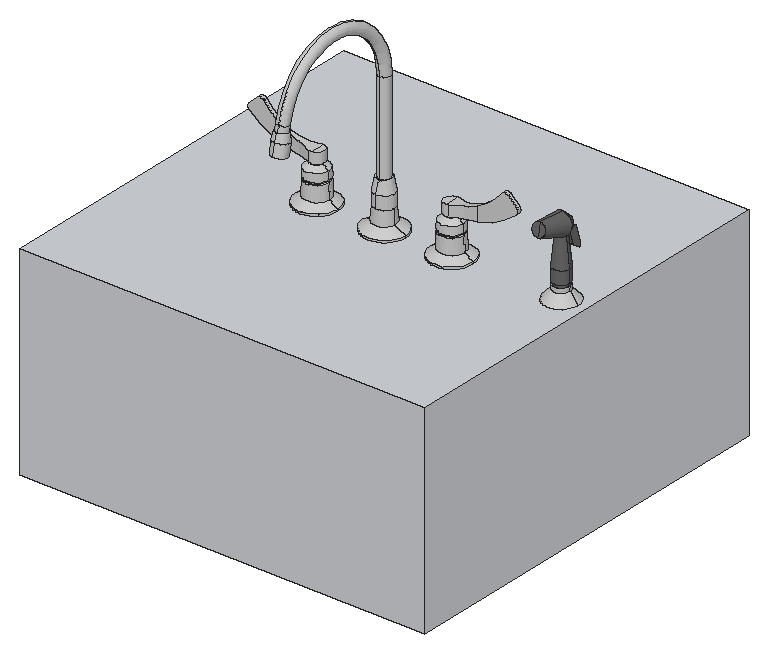
Revit family
Parameters
  Width = 15.75"
  Waste Connection = no
  WFU = 0
  Vent Connection = no
  URL = "www.moencommercial.com"
  Sprayer Offset from Center = 10.5"
  Model = "8244"
  Manufacturer = "Moen"
  Length = 9.5"
  Keynote = "15410"
  Hot Water Connection Diameter = 0.5"  # 1/2"
  Height = 12.5"
  Handle Type = "4\" Wrist blade handles with hot and cold color indicators"
  HWFU = 1
  Finish = Moen-Chrome
  Faucet Spout Reach = 8"
  Faucet Spout Height = 7.5"
  Drain Type = "None"
  Domestic Water Flow Rate = 2.2 GPM
  Documentation Link = "http://www.moen.com/shared/pdf/commercial/8244sp.pdf"
  Description = "Two-Handle Kitchen Faucet with Side Spray"
  Default Elevation = 48"
  Cold Water Connection Diameter = 0.5"  # 1/2"
  CWFU = 1
  Assembly Code = "D2010400"
  ADA Compliant = yes
Reference planes (in)
  plane 1 "Center (Front/Back)": y = 0
  plane 2: z = 0
  plane 3 "Center (Left/Right)": x = 0
  plane 4: x = -4
  plane 5: x = 4
  plane 6: x = -7.875
  plane 7: x = 7.875
  plane 8: z = 12.5
  plane 9 "Sprayer Offset": x = 10.5
Forms (in)
  Extrusion 1, solid
    sketch origin (0, 0, 0) x (1, 0, 0) y (0, 1, 0)
      loop
        line (-12, 12) -> (-12, -12) -> (12, -12) -> (12, 12) -> (-12, 12)
    from 0 to -12
Lines and regions (in)
  Masking region 1
    outline origin (0, 0, 0) x (1, 0, 0) y (0, 1, 0)
      loop
        line (-8.006, -0.1) -> (-5.65, -0.1)
        arc (-5.65, -0.1) -> (-5.44674, -0.10544) -> (-5.24406, -0.12176) r 3.79721
        arc (-5.24406, -0.12176) -> (-2.75, 0.00002) -> (-5.24406, 0.12173) r 1.25
        arc (-5.24406, 0.12173) -> (-5.44674, 0.10544) -> (-5.65, 0.1) r 3.80301
        line (-5.65, 0.1) -> (-8.006, 0.1) -> (-8.006, -0.1)
  Masking region 2
    outline origin (0, 0, 0) x (0, 1, 0) y (-1, 0, 0)
      loop
        line (-0.1, -8.006) -> (0.1, -8.006) -> (0.1, -5.65)
        arc (0.1, -5.65) -> (0.10544, -5.44674) -> (0.12173, -5.24406) r 3.80301
        arc (0.12173, -5.24406) -> (0.00002, -2.75) -> (-0.12176, -5.24406) r 1.25
        arc (-0.12176, -5.24406) -> (-0.10544, -5.44674) -> (-0.1, -5.65) r 3.79721
        line (-0.1, -5.65) -> (-0.1, -8.006)
  Masking region 3
    outline origin (0, 0, 0) x (1, 0, 0) y (0, 1, 0)
      loop
        line (-0.335, -1.20427) -> (-0.335, -7.50378)
        spline (-0.335, -7.50378) -> (-0.42311, -7.64878) -> (-0.44971, -7.81572) -> (-0.41092, -7.98032) -> (-0.31239, -8.11866) -> (-0.16844, -8.21062) -> (0, -8.24284) -> (0.16844, -8.21062) -> (0.31239, -8.11866) -> (0.41092, -7.98032) -> (0.44971, -7.81572) -> (0.42311, -7.64878) -> (0.335, -7.50378)
        line (0.335, -7.50378) -> (0.335, -1.20427)
        arc (0.335, -1.20427) -> (0, 1.25) -> (-0.335, -1.20427) r 1.25
  Masking region 4
    outline origin (0, 0, 0) x (1, 0, 0) y (0, 1, 0)
      loop
        arc (11.00594, -0.86257) -> (10.5, 1) -> (9.99406, -0.86257) r 1
        line (9.99406, -0.86257) -> (10.1, -1.65643)
        spline (10.1, -1.65643) -> (10.10342, -1.66817) -> (10.11363, -1.67972) -> (10.13045, -1.69086) -> (10.15359, -1.70142) -> (10.18266, -1.71121) -> (10.21716, -1.72005) -> (10.2565, -1.72782) -> (10.3, -1.73435) -> (10.34693, -1.73956) -> (10.39647, -1.74334) -> (10.44779, -1.74564) -> (10.5, -1.74641)
        spline (10.5, -1.74641) -> (10.55221, -1.74564) -> (10.60353, -1.74334) -> (10.65307, -1.73956) -> (10.7, -1.73435) -> (10.7435, -1.72782) -> (10.78284, -1.72005) -> (10.81734, -1.71121) -> (10.84641, -1.70142) -> (10.86955, -1.69086) -> (10.88637, -1.67972) -> (10.89658, -1.66817) -> (10.9, -1.65643)
        line (10.9, -1.65643) -> (11.00594, -0.86257)
  symbolic lines
    curve 1: arc (-4.71825, 0.21591, 0) -> (-3.25, 0.0001, 0) -> (-4.71819, -0.2161, 0) r 0.75
    curve 2: arc (-4.17173, -0.39956, 0) -> (-4.14156, -0.41247, 0) -> (-4.11149, -0.42564, 0) r 3.79721
    curve 3: arc (-4.10855, 0.4264, 0) -> (-4.66446, 0.22992, 0) -> (-5.24406, 0.12173, 0) r 3.80301
    curve 4: arc (-5.24406, -0.12176, 0) -> (-4.66597, -0.22972, 0) -> (-4.11149, -0.42564, 0) r 3.79721
    curve 5: arc (-4.10855, 0.4264, 0) -> (-3.56, -0.00152, 0) -> (-4.11149, -0.42564, 0) r 0.44
    curve 6: arc (4.10855, 0.4264, 0) -> (4.66446, 0.22992, 0) -> (5.24406, 0.12173, 0) r 3.80301
    curve 7: arc (5.24406, -0.12176, 0) -> (4.66597, -0.22972, 0) -> (4.11149, -0.42564, 0) r 3.79721
    curve 8: arc (4.10855, 0.4264, 0) -> (3.56, -0.00152, 0) -> (4.11149, -0.42564, 0) r 0.44
    curve 9: arc (4.71825, 0.21591, 0) -> (3.25, 0.0001, 0) -> (4.71819, -0.2161, 0) r 0.75
    curve 10: arc (0.335, -0.55702, 0) -> (0, 0.65, 0) -> (-0.335, -0.55702, 0) r 0.65
    curve 11: arc (-0.335, 0, 0) -> (0, 0.335, 0) -> (0.335, 0, 0) r 0.335
    curve 12: spline (-0.335, -7.5913, 0) -> (-0.32359, -7.67668, 0) -> (-0.29012, -7.75625, 0) -> (-0.23688, -7.82458, 0) -> (-0.1675, -7.87701, 0) -> (-0.0867, -7.90997, 0) -> (0, -7.92121, 0) -> (0.0867, -7.90997, 0) -> (0.1675, -7.87701, 0) -> (0.23688, -7.82458, 0) -> (0.29012, -7.75625, 0) -> (0.32359, -7.67668, 0) -> (0.335, -7.5913, 0)
    curve 13: line (-0.335, 0, 0) -> (-0.335, -1.20427, 0)
    curve 14: line (-0.335, -7.5913, 0) -> (-0.335, -7.50378, 0)
    curve 15: line (0.335, 0, 0) -> (0.335, -1.20427, 0)
    curve 16: line (0.335, -7.5913, 0) -> (0.335, -7.50378, 0)
    curve 17: line (9.99406, -0.86257, 0) -> (9.87893, 0.00978, 0)
    curve 18: line (9.87893, 0.00978, 0) -> (10.03651, 0.27849, 0)
    curve 19: line (10.03651, 0.09264, 0) -> (10.03651, 0.78, 0)
    curve 20: line (10.03651, 0.78, 0) -> (10.96349, 0.78, 0)
    curve 21: line (11.00594, -0.86257, 0) -> (11.12107, 0.00978, 0)
    curve 22: line (11.12107, 0.00978, 0) -> (10.96349, 0.27849, 0)
    curve 23: line (10.96349, 0.09264, 0) -> (10.96349, 0.78, 0)
    curve 24: spline (9.88003, 0.00143, 0) -> (9.90252, 0.03725, 0) -> (9.9652, 0.07056, 0) -> (10.06385, 0.09913, 0) -> (10.19184, 0.12102, 0) -> (10.34056, 0.13478, 0) -> (10.5, 0.13947, 0) -> (10.65944, 0.13478, 0) -> (10.80816, 0.12102, 0) -> (10.93615, 0.09913, 0) -> (11.0348, 0.07056, 0) -> (11.09748, 0.03725, 0) -> (11.11997, 0.00143, 0)
    curve 25: line (10.03651, 0.49472, 0) -> (10.96349, 0.49472, 0)
    curve 26: line (10.96349, 0.39, 0) -> (10.03651, 0.39, 0)
Text (in)
  text "Heigth and Width Parameters do not control Model geometry.  If you need to change the size of the model, select the correct model number." at (9.86064, 0, 13.37682), in view "Front"
Dimensions and locks (in)
  locked: plane 4 to plane 3 "Center (Left/Right)" at 4
  locked: plane 5 to plane 3 "Center (Left/Right)" at 4
  equal spacing: plane 7, plane 3 "Center (Left/Right)", plane 6
  "Width": plane 7 to plane 6
  "Height": plane 8 to plane 2
  "Sprayer Offset from Center": plane 3 "Center (Left/Right)" to plane 9 "Sprayer Offset"
  aligned and locked: plane 2 to Extrusion 1
  aligned and locked: level to Extrusion 1
  aligned and locked: plane 9 "Sprayer Offset" to nested 7
  aligned and locked: plane 1 "Center (Front/Back)" to nested 7
Automatic sketch dimensions
  Extrusion 1 sketch curve to Extrusion 1 sketch curve = 24"  (x2)
  plane 1 "Center (Front/Back)" to Masking region 1 sketch curve = 0"
  Masking region 1 sketch curve to plane 4 = 0"
  plane 1 "Center (Front/Back)" to Masking region 1 sketch curve = 0.12176"
  Masking region 1 sketch curve to plane 4 = 1.24406"
  Masking region 1 sketch curve to plane 1 "Center (Front/Back)" = 0.12173"
  plane 1 "Center (Front/Back)" to Masking region 1 sketch curve = 0.1"
  Masking region 1 sketch curve to Masking region 1 sketch curve = 0.40594"
  Masking region 1 sketch curve to plane 4 = 1.65"
  Masking region 1 sketch curve to plane 6 = 0.131"
  Masking region 1 sketch curve to plane 1 "Center (Front/Back)" = 0.1"
  plane 1 "Center (Front/Back)" to Masking region 2 sketch curve = 0"
  Masking region 2 sketch curve to plane 5 = 0"
  plane 1 "Center (Front/Back)" to Masking region 2 sketch curve = 0.1"
  plane 1 "Center (Front/Back)" to Masking region 2 sketch curve = 0.12176"
  Masking region 2 sketch curve to Masking region 2 sketch curve = 3.77545"
  Masking region 2 sketch curve to plane 1 "Center (Front/Back)" = 0.1"
  Masking region 2 sketch curve to plane 1 "Center (Front/Back)" = 0.12173"
  plane 5 to Masking region 2 sketch curve = 1.65"
  Masking region 2 sketch curve to Masking region 2 sketch curve = 2.356"
  Masking region 2 sketch curve to plane 7 = 0.131"
  Masking region 3 sketch curve to plane 3 "Center (Left/Right)" = 0"  (x2)
  Masking region 3 sketch curve to plane 3 "Center (Left/Right)" = 0.335"
  plane 3 "Center (Left/Right)" to Masking region 3 sketch curve = 0.335"
  Masking region 3 sketch curve to Masking region 3 sketch curve = 0.115"
  Masking region 3 sketch curve to Masking region 3 sketch curve = 6.29951"
  Masking region 3 sketch curve to Masking region 3 sketch curve = 0.29589"
  plane 1 "Center (Front/Back)" to Masking region 3 sketch curve = 0"
  plane 1 "Center (Front/Back)" to Masking region 3 sketch curve = 1.20427"
  Masking region 4 sketch curve to plane 9 "Sprayer Offset" = 0"  (x2)
  plane 1 "Center (Front/Back)" to Masking region 4 sketch curve = 0"
  Masking region 4 sketch curve to plane 9 "Sprayer Offset" = 0.4"
  Masking region 4 sketch curve to plane 9 "Sprayer Offset" = 0.50594"
  Masking region 4 sketch curve to Masking region 4 sketch curve = 0"
  plane 9 "Sprayer Offset" to Masking region 4 sketch curve = 0.50594"
  plane 1 "Center (Front/Back)" to Masking region 4 sketch curve = 0.86257"
  Masking region 4 sketch curve to Masking region 4 sketch curve = 0.08998"  (x2)
  Masking region 4 sketch curve to Masking region 4 sketch curve = 0.79386"
  curve 1 to curve 5 = 0"  (x2)
  curve 2 to curve 4 = 0"  (x2)
  curve 8 to curve 9 = 0"  (x2)
  curve 10 to curve 11 = 0"  (x2)
  plane 1 "Center (Front/Back)" to curve 1 = 0"
  curve 1 to plane 4 = 0"
  plane 1 "Center (Front/Back)" to curve 13 = 0"
  curve 11 to plane 3 "Center (Left/Right)" = 0"
  curve 12 to plane 3 "Center (Left/Right)" = 0"
  plane 1 "Center (Front/Back)" to curve 8 = 0"
  curve 8 to plane 5 = 0"
  plane 1 "Center (Front/Back)" to curve 24 = 0"
  curve 24 to plane 9 "Sprayer Offset" = 0"
  curve 5 to plane 4 = 0.10855"
  curve 4 to plane 4 = 0.11149"
  curve 2 to curve 5 = 0.06024"
  plane 1 "Center (Front/Back)" to curve 1 = 0.2161"
  curve 1 to curve 2 = 0.54646"
  curve 1 to plane 1 "Center (Front/Back)" = 0.21591"
  plane 1 "Center (Front/Back)" to curve 4 = 0.12176"
  curve 4 to curve 1 = 0.52586"
  curve 3 to plane 1 "Center (Front/Back)" = 0.12173"
  curve 3 to curve 4 = 0"
  curve 2 to plane 4 = 1.65"
  curve 14 to plane 3 "Center (Left/Right)" = 0.335"
  curve 13 to plane 3 "Center (Left/Right)" = 0.335"
  plane 5 to curve 8 = 0.10855"
  plane 5 to curve 8 = 0.11149"
  plane 1 "Center (Front/Back)" to curve 9 = 0.2161"
  curve 8 to curve 9 = 0.6067"
  curve 9 to plane 1 "Center (Front/Back)" = 0.21591"
  plane 1 "Center (Front/Back)" to curve 7 = 0.12176"
  curve 9 to curve 7 = 0.52586"
  curve 6 to plane 1 "Center (Front/Back)" = 0.12173"
  curve 7 to curve 6 = 0"
  plane 5 to curve 7 = 1.65"
  curve 18 to plane 1 "Center (Front/Back)" = 0.00978"
  curve 24 to plane 1 "Center (Front/Back)" = 0.00143"  (x2)
  curve 17 to curve 24 = 0.0011"
  curve 17 to plane 9 "Sprayer Offset" = 0.50594"
  curve 19 to plane 9 "Sprayer Offset" = 0.46349"
  plane 9 "Sprayer Offset" to curve 26 = 0.46349"
  plane 9 "Sprayer Offset" to curve 21 = 0.50594"
  curve 24 to curve 24 = 0.00003"
  curve 22 to plane 1 "Center (Front/Back)" = 0.00978"
  curve 24 to curve 22 = 0.0011"
  curve 16 to curve 7 = 3.60657"
  curve 14 to curve 16 = 0"
  curve 12 to curve 14 = 0.08752"
  curve 15 to curve 11 = 1.20427"
  curve 13 to curve 15 = 0"
  curve 10 to curve 13 = 0.55702"
  curve 23 to plane 1 "Center (Front/Back)" = 0.09264"
  curve 23 to curve 22 = 0.18585"
  curve 19 to curve 18 = 0.18585"
  curve 18 to curve 26 = 0.11151"
  curve 26 to curve 25 = 0.10472"
  curve 25 to curve 20 = 0.28528"
Nested families (in)
  nested 1: "Tapered Stand-alone Service Connection" at (-4, 0, 0), type "Tapered Stand-alone Service Connection"
  nested 2: "Tapered Stand-alone Service Connection" at (4, 0, 0), type "Tapered Stand-alone Service Connection"
  nested 3: "Wrist Blade Handle - Hot" at (-4, 0, 2.07), type "Wrist Blade Handle - Hot"
    with Finish Moen-Chrome
  nested 4: "Wrist Blade Handle - Cold" at (4, 0, 2.07), type "Wrist Blade Handle - Cold"
    with Finish Moen-Chrome
  nested 5: "Widespread Spout Base" at (0, 0, 0), type "Widespread Spout Base"
    with Finish Moen-Chrome
  nested 6: "Gooseneck Spout-S0050" at (0, 0, 1.35) x (0, -1, 0) z (0, 0, 1), type "Gooseneck Spout-S0050"
    with Finish Moen-Chrome
  nested 7: "Sprayer" at (10.5, 0, 0), type "Sprayer"
    with Finish Moen-Chrome
Connectors (in)
  piping at (4, 0, -3.3), driven by "Domestic Water Flow Rate"
    settings: on nested 2, index 1
  piping at (-4, 0, -3.3), driven by "Domestic Water Flow Rate"
    settings: on nested 1, index 2
Definition of nested family "Tapered Stand-alone Service Connection"
  Parameters (values of type "Tapered Stand-alone Service Connection")
    Finish [instance] = Moen-Chrome
    Assembly Code = ""
  Reference planes (in)
    plane 1 "Center (Front/Back)": y = 0
    plane 2: z = 0
    plane 3 "Center (Left/Right)": x = 0
  Forms (in)
    Revolve 1, solid, material "Moen-Chrome" <- "Finish"
      sketch origin (0, 0, 0) x (1, 0, 0) y (0, 0, 1)
        loop
          line (0, 0) -> (0, 2.2) -> (-0.375, 2.2) -> (-0.7, 1.95) -> (-0.71625, 1.46247) -> (-0.68019, 1.4) -> (-0.72067, 1.32988) -> (-0.75, 0.45) -> (-1.25, 0.1) -> (-1.25, 0) -> (0, 0)
        axis (0, 2.2) -> (0, 0)
      angle from 0 to 360
    Extrusion 2, solid, material "Default"
      sketch origin (0, 0, 0) x (1, 0, 0) y (0, 1, 0)
        loop
          circle (0, 0) r 0.375
      from 0 to -3.3
  Dimensions and locks (in)
    aligned and locked: Revolve 1 sketch curve to plane 3 "Center (Left/Right)"
Definition of nested family "Wrist Blade Handle - Hot"
  Parameters (values of type "Wrist Blade Handle - Hot")
    Finish [instance] = Moen-Chrome
    Assembly Code = ""
  Reference planes (in)
    plane 1 "Center (Front/Back)": y = 0
    plane 2: z = 0
    plane 3 "Center (Left/Right)": x = 0
    plane 4: x = -4.1
    plane 5: y = -0.1
    plane 6: y = 0.1
    plane 7: x = 0.44
    plane 8: z = 0.25
    plane 9: z = 0.85
    plane 10: z = 2.6
    plane 11: x = 0.275
  Forms (in)
    Extrusion 1, solid, material "Moen-Chrome" <- "Finish"
      sketch origin (0, 0, 0) x (-1, 0, 0) y (0, -1, 0)
        loop
          arc (0.11149, 0.42564) -> (-0.44, 0.00152) -> (0.10855, -0.4264) r 0.44
          arc (0.10855, -0.4264) -> (0.86219, -0.18249) -> (1.65, -0.1) r 3.80301
          line (1.65, -0.1) -> (4.1, -0.1) -> (4.1, 0.1) -> (1.65, 0.1)
          arc (1.65, 0.1) -> (0.8637, 0.1823) -> (0.11149, 0.42564) r 3.79721
      from 0.25 to 2.6
    Extrusion 2, void
      sketch origin (0, 0, 0) x (-1, 0, 0) y (0, 0, 1)
        loop
          line (1.8368, 2.6) -> (-0.44, 2.6) -> (-0.44, 0.85) -> (0, 0.85)
          arc (0, 0.85) -> (0.94745, 0.96822) -> (1.8368, 1.31561) r 3.85583
          line (1.8368, 1.31561) -> (1.8368, 2.6)
        loop
          line (2.50003, 0.25) -> (2.50003, 0.63521)
          arc (2.50003, 0.63521) -> (1.56934, 0.34727) -> (0.6, 0.25) r 4.87851
          line (0.6, 0.25) -> (2.50003, 0.25)
      from -2 to 2
    Extrusion 3, solid, material "Moen-Chrome" <- "Finish"
      sketch origin (0, 0, 0) x (-1, 0, 0) y (0, -1, 0)
        loop
          circle (0, 0) r 0.275
      from 0 to 0.25
    Extrusion 4, void
      sketch origin (0, 0, 0) x (-1, 0, 0) y (0, 0, 1)
        loop
          arc (1.8368, 1.31561) -> (2.50655, 1.7751) -> (3.06532, 2.36455) r 3.86
          arc (3.06532, 2.36455) -> (3.24734, 2.46206) -> (3.44062, 2.38938) r 0.25
          line (3.44062, 2.38938) -> (3.93277, 1.89723)
          arc (3.93277, 1.89723) -> (4.00593, 1.71442) -> (3.92405, 1.53536) r 0.25
          arc (3.92405, 1.53536) -> (3.25117, 1.02337) -> (2.50003, 0.63521) r 4.88
          line (2.50003, 0.63521) -> (2.50003, 0.25) -> (4.1, 0.25) -> (4.1, 2.6) -> (1.8368, 2.6) -> (1.8368, 1.31561)
      from -2 to 2
  Cuts and joins
    Extrusion 2, Extrusion 4 cuts Extrusion 1
  Lines and regions (in)
    Split face 1
      outline origin (-4.1, -0.1, 2.6) x (0, 0, -1) y (1, 0, 0)
        loop
          circle (0.88558, 0.85266) r 0.25
    Split face 2
      outline origin (-4.1, -0.1, 2.6) x (0, 0, -1) y (1, 0, 0)
        loop
          line (0.72933, 0.72517) -> (1.04183, 0.72517) -> (1.04183, 0.78524) -> (0.91774, 0.78524) -> (0.91774, 0.92008) -> (1.04183, 0.92008) -> (1.04183, 0.97949) -> (0.72933, 0.97949) -> (0.72933, 0.92008) -> (0.86234, 0.92008) -> (0.86234, 0.78524) -> (0.72933, 0.78524) -> (0.72933, 0.72517)
  Dimensions and locks (in)
    locked: plane 4 to plane 3 "Center (Left/Right)" at 4.1
    locked: plane 9 to plane 8 at 0.6
    locked: plane 2 to plane 8 at 0.25
    locked: plane 10 to plane 2 at 2.6
    locked: plane 11 to plane 3 "Center (Left/Right)" at 0.275
    locked: plane 5 to plane 1 "Center (Front/Back)" at 0.1
    locked: plane 6 to plane 1 "Center (Front/Back)" at 0.1
    locked: plane 7 to plane 3 "Center (Left/Right)" at 0.44
    locked: Extrusion 1 sketch curve to plane 4 at 2.45  (x2)
    radius of Extrusion 1 sketch curve = 0.44"
    radius of Extrusion 1 sketch curve = 3.79721"
    radius of Extrusion 1 sketch curve = 3.80301"
    radius of Extrusion 3 sketch curve = 0.275"
    radius of Extrusion 4 sketch curve = 3.86"
    radius of Extrusion 4 sketch curve = 4.88"
    aligned: plane 2 to level
    aligned and locked: plane 10 to Extrusion 1
    aligned and locked: Extrusion 1 to plane 8
    aligned and locked: plane 8 to Extrusion 3
Definition of nested family "Wrist Blade Handle - Cold"
  Parameters (values of type "Wrist Blade Handle - Cold")
    Finish [instance] = Moen-Chrome
    Assembly Code = ""
  Reference planes (in)
    plane 1 "Center (Front/Back)": y = 0
    plane 2: z = 0
    plane 3 "Center (Left/Right)": x = 0
    plane 4: x = 4.1
    plane 5: y = 0.1
    plane 6: y = -0.1
    plane 7: x = -0.44
    plane 8: z = 0.25
    plane 9: z = 0.85
    plane 10: z = 2.6
    plane 11: x = 0.275
  Forms (in)
    Extrusion 1, solid, material "Moen-Chrome" <- "Finish"
      sketch origin (0, 0, 0) x (1, 0, 0) y (0, 1, 0)
        loop
          arc (0.11149, 0.42564) -> (-0.44, 0.00152) -> (0.10855, -0.4264) r 0.44
          arc (0.10855, -0.4264) -> (0.86219, -0.18249) -> (1.65, -0.1) r 3.80301
          line (1.65, -0.1) -> (4.1, -0.1) -> (4.1, 0.1) -> (1.65, 0.1)
          arc (1.65, 0.1) -> (0.8637, 0.1823) -> (0.11149, 0.42564) r 3.79721
      from 0.25 to 2.6
    Extrusion 2, void
      sketch origin (0, 0, 0) x (1, 0, 0) y (0, 0, 1)
        loop
          line (1.8368, 2.6) -> (-0.44, 2.6) -> (-0.44, 0.85) -> (0, 0.85)
          arc (0, 0.85) -> (0.94745, 0.96822) -> (1.8368, 1.31561) r 3.85583
          line (1.8368, 1.31561) -> (1.8368, 2.6)
        loop
          line (2.50003, 0.25) -> (2.50003, 0.63521)
          arc (2.50003, 0.63521) -> (1.56934, 0.34727) -> (0.6, 0.25) r 4.87851
          line (0.6, 0.25) -> (2.50003, 0.25)
      from -2 to 2
    Extrusion 3, solid, material "Moen-Chrome" <- "Finish"
      sketch origin (0, 0, 0) x (1, 0, 0) y (0, 1, 0)
        loop
          circle (0, 0) r 0.275
      from 0 to 0.25
    Extrusion 4, void
      sketch origin (0, 0, 0) x (1, 0, 0) y (0, 0, 1)
        loop
          arc (1.8368, 1.31561) -> (2.50655, 1.7751) -> (3.06532, 2.36455) r 3.86
          arc (3.06532, 2.36455) -> (3.24734, 2.46206) -> (3.44062, 2.38938) r 0.25
          line (3.44062, 2.38938) -> (3.93277, 1.89723)
          arc (3.93277, 1.89723) -> (4.00593, 1.71442) -> (3.92405, 1.53536) r 0.25
          arc (3.92405, 1.53536) -> (3.25117, 1.02337) -> (2.50003, 0.63521) r 4.88
          line (2.50003, 0.63521) -> (2.50003, 0.25) -> (4.1, 0.25) -> (4.1, 2.6) -> (1.8368, 2.6) -> (1.8368, 1.31561)
      from -2 to 2
  Cuts and joins
    Extrusion 2, Extrusion 4 cuts Extrusion 1
  Lines and regions (in)
    Split face 1
      outline origin (1.65, -0.1, 2.6) x (0, 0, -1) y (1, 0, 0)
        loop
          circle (0.88558, 1.59734) r 0.24873
    Split face 2
      outline origin (1.65, -0.1, 2.6) x (0, 0, -1) y (1, 0, 0)
        loop
          line (0.99606, 1.70783) -> (0.95187, 1.66363)
          arc (0.95187, 1.66363) -> (0.88558, 1.50359) -> (0.81929, 1.66363) r 0.09375
          line (0.81929, 1.66363) -> (0.77509, 1.70783)
          arc (0.77509, 1.70783) -> (0.88558, 1.44109) -> (0.99606, 1.70783) r 0.15625
    reference lines
      curve 1: line (3.23, 0, 2.6) -> (4.1, 0, 1.73)
  Dimensions and locks (in)
    locked: plane 4 to plane 3 "Center (Left/Right)" at 4.1
    locked: plane 9 to plane 8 at 0.6
    locked: plane 2 to plane 8 at 0.25
    locked: plane 10 to plane 2 at 2.6
    locked: plane 11 to plane 3 "Center (Left/Right)" at 0.275
    locked: plane 1 "Center (Front/Back)" to plane 5 at 0.1
    locked: plane 1 "Center (Front/Back)" to plane 6 at 0.1
    locked: plane 3 "Center (Left/Right)" to plane 7 at 0.44
    locked: Extrusion 1 sketch curve to plane 4 at 2.45  (x2)
    locked: plane 4 to curve 1 at 0.87
    radius of Extrusion 1 sketch curve = 0.44"
    radius of Extrusion 1 sketch curve = 3.79721"
    radius of Extrusion 1 sketch curve = 3.80301"
    radius of Extrusion 3 sketch curve = 0.275"
    radius of Extrusion 4 sketch curve = 3.86"
    radius of Extrusion 4 sketch curve = 4.88"
    locked: curve 1 to plane 10 (angle 45.00°)
    aligned: plane 2 to level
    aligned and locked: plane 10 to Extrusion 1
    aligned: plane 10 to curve 1
    aligned and locked: plane 4 to curve 1
    aligned and locked: Extrusion 1 to plane 8
    aligned and locked: plane 8 to Extrusion 3
Definition of nested family "Widespread Spout Base"
  Parameters (values of type "Widespread Spout Base")
    Finish [instance] = Moen-Chrome
  Reference planes (in)
    plane 1 "Center (Front/Back)": y = 0
    plane 2: z = 0
    plane 3 "Center (Left/Right)": x = 0
  Forms (in)
    Revolve 1, solid, material "Moen-Chrome" <- "Finish"
      sketch origin (0, 0, 0) x (1, 0, 0) y (0, 0, 1)
        loop
          line (0, 0) -> (0, 1.35) -> (-0.6, 1.35) -> (-0.65, 0.5) -> (-1.25, 0.1) -> (-1.25, 0) -> (0, 0)
        axis (0, 1.35) -> (0, 0)
      angle from 0 to 360
  Dimensions and locks (in)
    locked: Revolve 1 sketch curve to plane 2 at 1.35
    locked: plane 3 "Center (Left/Right)" to Revolve 1 sketch curve at 1.25
    locked: Revolve 1 sketch curve to plane 2 at 0.1
    locked: plane 3 "Center (Left/Right)" to Revolve 1 sketch curve at 0.6
    locked: Revolve 1 sketch curve to plane 2 at 0.5
    locked: plane 3 "Center (Left/Right)" to Revolve 1 sketch curve at 0.65
    aligned and locked: plane 3 "Center (Left/Right)" to Revolve 1 sketch curve
    aligned and locked: plane 2 to Revolve 1 sketch curve
    aligned and locked: Revolve 1 sketch curve to plane 3 "Center (Left/Right)"
Definition of nested family "Gooseneck Spout-S0050"
  Parameters (values of type "Gooseneck Spout-S0050")
    Width = 0"
    Straight Spout Height = Height - Deck Height - Spout Radius - Curve Radius  # 6.923"
    Spout Radius = 0.335"
    Length = 0"
    Height = 12"
    Finish [instance] = Moen-Chrome
    Faucet Spout Reach = 8"
    Faucet Spout Height = 7"
    Deck Height = 0.95"  # constant formula
    Curve Radius = Faucet Spout Reach * 0.474  # 3.792"
    Curve Angle = 170.00°  # constant formula
  Reference planes (in)
    plane 1 "Center (Front/Back)": y = 0
    plane 2: z = 0
    plane 3 "Center (Left/Right)": x = 0
    plane 4 "Spout Reach": x = 8
    plane 5 "Overall Height": z = 11.05
    plane 6 "Deck Height": z = -0.95
    plane 7 "Spout Straight Height": z = 6.923
    plane 8 "Aerator Height": z = 6.05
  Forms (in)
    Sweep 1, solid, material "Moen-Chrome" <- "Finish"
      path origin (0, 0, 0) x (1, 0, 0) y (0, 0, 1)
        loop
          line (0, 0) -> (0, 6.923)
          arc (0, 6.923) -> (3.46151, 10.70057) -> (7.52639, 7.58147) r 3.792
          line (7.52639, 7.58147) -> (7.79968, 6.0316)
      profile origin (0, 0, 3.4615) x (-1, 0, 0) y (0, -1, 0)
        loop
          circle (0, 0) r 0.335
    Revolve 2, solid, material "Moen-Chrome" <- "Finish"
      sketch origin (0, 0, 0) x (1, 0, 0) y (0, 0, 1)
        loop
          line (0, 0) -> (0, 1.5) -> (-0.44, 1.5) -> (-0.6, 0.75) -> (-0.6, 0) -> (0, 0)
        axis (0, 1.5) -> (0, 0)
      angle from 0 to 360
    Revolve 3, solid, material "Moen-Chrome" <- "Finish"
      sketch origin (0, 0, 0) x (1, 0, 0) y (0, 0, 1)
        loop
          line (7.79968, 6.0316) -> (7.5913, 7.21337) -> (7.22199, 7.14825) -> (7.23496, 6.64282) -> (7.35651, 5.95346) -> (7.79968, 6.0316)
        axis (7.5913, 7.21337) -> (7.79968, 6.0316)
      angle from 0 to 360
  Cuts and joins
    joined: Sweep 1, Revolve 2, Revolve 3
  Lines and regions (in)
    reference lines
      curve 1: arc (0, 0, 6.923) -> (3.46151, 0, 10.70057) -> (7.52639, 0, 7.58147) r 3.792
      curve 2: line (7.52639, 0, 7.58147) -> (7.79643, 0, 6.05)
  Dimensions and locks (in)
    "Deck Height": plane 6 "Deck Height" to plane 2
    "Height": plane 5 "Overall Height" to plane 6 "Deck Height"
    "Faucet Spout Height": plane 8 "Aerator Height" to plane 6 "Deck Height"
    "Straight Spout Height": plane 7 "Spout Straight Height" to plane 2
    "Faucet Spout Reach": plane 4 "Spout Reach" to plane 3 "Center (Left/Right)"
    locked: Revolve 2 sketch curve to Revolve 2 sketch curve at 0.6
    locked: Revolve 2 sketch curve to Revolve 2 sketch curve at 1.5
    locked: Revolve 2 sketch curve to Revolve 2 sketch curve at 0.75
    locked: Revolve 2 sketch curve to Revolve 2 sketch curve at 0.44
    locked: Revolve 3 sketch curve to Revolve 3 sketch curve at 0.45
    locked: Revolve 3 sketch curve to Revolve 3 sketch curve at 1.2
    locked: Revolve 3 sketch curve to Revolve 3 sketch curve at 0.7
    locked: Revolve 3 sketch curve to Revolve 3 sketch curve at 0.375
    "Curve Radius": radius of curve 1
    "Spout Radius": radius of Sweep 1 sketch curve
    "Curve Angle": angle curve 1 to curve 1
    aligned and locked: plane 7 "Spout Straight Height" to curve 1
    aligned and locked: plane 3 "Center (Left/Right)" to curve 1
    aligned and locked: Revolve 2 sketch curve to plane 3 "Center (Left/Right)"
    aligned and locked: plane 3 "Center (Left/Right)" to Revolve 2 sketch curve
    aligned and locked: plane 2 to Revolve 2 sketch curve
    aligned and locked: Revolve 3 sketch curve to Sweep 1
    aligned and locked: plane 8 "Aerator Height" to curve 2
    aligned and locked: Sweep 1 sketch curve to curve 1
    aligned and locked: Revolve 3 sketch curve to curve 2  (x2)
  Automatic sketch dimensions
    Sweep 1 sketch curve to level = 0"
    Sweep 1 sketch curve to plane 4 "Spout Reach" = 0.47361"
    Sweep 1 sketch curve to plane 4 "Spout Reach" = 0.20032"
    Sweep 1 sketch curve to plane 8 "Aerator Height" = 0.0184"
    plane 1 "Center (Front/Back)" to Sweep 1 sketch curve = 0"
    Sweep 1 sketch curve to profile plane = 0"
    plane 6 "Deck Height" to Revolve 2 sketch curve = 0.45"
    Revolve 2 sketch curve to Revolve 2 sketch curve = 0.5"
    Revolve 3 sketch curve to plane 4 "Spout Reach" = 0.54384"
    Revolve 3 sketch curve to plane 4 "Spout Reach" = 0.15314"
    curve 2 to plane 4 "Spout Reach" = 0.20357"
Definition of nested family "Sprayer"
  Parameters
    Finish [instance] = Moen-Chrome
  Reference planes (in)
    plane 1 "Center (Front/Back)": y = 0
    plane 2: z = 0
    plane 3 "Center (Left/Right)": x = 0
    plane 4 "Top of Sprayer Base": z = 0.82
    plane 5 "Bottom of Sprayer": z = 1.01
    plane 6: z = 4.01
    plane 7 "Sprayer Radius": x = -0.5
  Forms (in)
    Revolve 1, solid, material "Moen-Chrome" <- "Finish"
      sketch origin (0, 0, 0) x (1, 0, 0) y (0, 0, 1)
        loop
          line (0, 0.82) -> (-0.5, 0.82) -> (-0.48684, 0.57) -> (-1, 0) -> (0, 0) -> (0, 0.82)
        axis (0, 0.82) -> (0, 0)
      angle from 0 to 360
    Revolve 2, solid, material "Moen-Black"
      sketch origin (0, 0, 0) x (0, 1, 0) y (0, 0, 1)
        loop
          line (-1.65643, 4.39242) -> (0.40924, 3.91552) -> (0.49472, 4.28578) -> (0.13947, 4.61411) -> (-1.56645, 4.78216) -> (-1.65643, 4.39242)
        axis (-1.65643, 4.39242) -> (0.40924, 3.91552)
      angle from 0 to 360
    Extrusion 3, solid, material "Moen-Black"
      sketch origin (0, 0, 0) x (0, 1, 0) y (0, 0, 1)
        loop
          line (0.78, 2.59) -> (0.78, 2.84) -> (0.49472, 3.89579) -> (0, 4.01) -> (0.39, 2.85) -> (0.78, 2.59)
      from 0.46 to -0.46
    Revolve 4, solid, material "Moen-Black"
      sketch origin (0, 0, 0) x (1, 0, 0) y (0, 0, 1)
        loop
          line (-0.43, 1.01) -> (-0.42, 0.82) -> (0, 0.82) -> (0, 4.01) -> (-0.25, 4.01) -> (-0.5, 1.76) -> (-0.5, 1.01) -> (-0.43, 1.01)
        axis (0, 0.82) -> (0, 4.01)
      angle from 0 to 360
  Lines and regions (in)
    reference lines
      curve 1: line (0, 0, 4.01) -> (0, -1.65643, 4.39242)
  Dimensions and locks (in)
    locked: plane 4 "Top of Sprayer Base" to plane 2 at 0.82
    locked: plane 5 "Bottom of Sprayer" to plane 4 "Top of Sprayer Base" at 0.19
    locked: plane 6 to plane 5 "Bottom of Sprayer" at 3
    locked: plane 3 "Center (Left/Right)" to plane 7 "Sprayer Radius" at 0.5
    locked: plane 3 "Center (Left/Right)" to Revolve 1 sketch curve at 1
    locked: plane 3 "Center (Left/Right)" to Revolve 1 sketch curve at 0.48684
    locked: Revolve 1 sketch curve to plane 2 at 0.57
    locked: curve 1 to curve 1 at 1.7
    locked: Revolve 2 sketch curve to curve 1 at 0.4
    locked: Revolve 2 sketch curve to curve 1 at 0.62
    locked: Revolve 2 sketch curve to curve 1 at 0.38
    locked: curve 1 to Revolve 2 sketch curve at 1.7
    locked: Revolve 2 sketch curve to curve 1 at 0.42
    locked: Extrusion 3 sketch curve to Extrusion 3 sketch curve at 0.25
    locked: Extrusion 3 sketch curve to plane 5 "Bottom of Sprayer" at 1.58
    locked: plane 1 "Center (Front/Back)" to Extrusion 3 sketch curve at 0.49472
    locked: plane 1 "Center (Front/Back)" to Extrusion 3 sketch curve at 0.39
    locked: plane 1 "Center (Front/Back)" to Extrusion 3 sketch curve at 0.78
    locked: Extrusion 3 sketch curve to plane 5 "Bottom of Sprayer" at 1.84
    locked: curve 1 to plane 6 (angle 13.00°)
    locked: Extrusion 3 sketch curve to plane 6 (angle 13.00°)
    aligned and locked: Revolve 1 sketch curve to plane 3 "Center (Left/Right)"  (x2)
    aligned and locked: plane 2 to Revolve 1 sketch curve
    aligned and locked: plane 6 to curve 1
    aligned and locked: plane 1 "Center (Front/Back)" to curve 1
    aligned and locked: Revolve 2 sketch curve to Revolve 2 sketch curve
    aligned and locked: Revolve 2 sketch curve to curve 1
    aligned and locked: plane 1 "Center (Front/Back)" to Extrusion 3 sketch curve  (x2)
    aligned and locked: plane 6 to Extrusion 3 sketch curve
    aligned and locked: plane 4 "Top of Sprayer Base" to Revolve 4 sketch curve
    aligned and locked: Revolve 4 sketch curve to plane 3 "Center (Left/Right)"
    aligned and locked: plane 6 to Revolve 4 sketch curve
    aligned and locked: plane 3 "Center (Left/Right)" to Revolve 4 sketch curve
